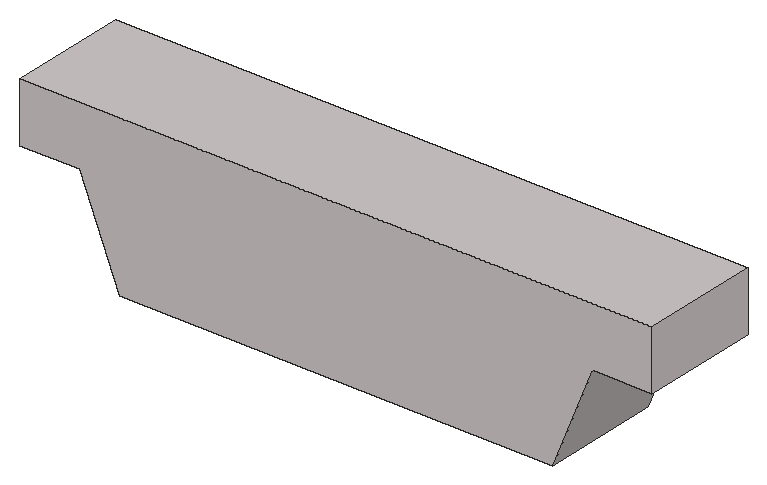
Revit family "f6c59a69b5864a6ab365e91b43df8225", category Structural Framing, Revit 2021
Family settings
  Display in Hidden Views = Edges Hidden by Other Members
  Structural Framing Length Roundoff = 0' - 0"
  Section Shape = Not Defined
  Material for Model Behavior = Precast Concrete
  Always export as geometry = No
  OmniClass Number = 23.25.30.11.14.14
  OmniClass Title = Beams
  Seek Item ID = Precast-Rectangular Beam with Sloped Cut End-0000-USA-ENU
  Always vertical = Yes
  Cut with Voids When Loaded = No
  Symbolic Representation = From Family
  Shared = No
  Show family pre-cut in plan views = Yes
Parameters (values of type "12"x16"-Double Sides Cut")
  Width = 1' - 0"
  Tie Rod Weight [instance] = 30
  Tie Rod W [instance] = (Tie Rod Weight) * 2.20313 kip / 1000  # 0.0660938 kip
  Structural Material [instance] = Concrete, Precast
  Single Rebar Weight [instance] = 50
  Single Rebar W [instance] = (Single Rebar Weight * 2.20313 kip) / 1000  # 0.110156 kip
  Rebar Grids Weight [instance] = 100
  Rebar Grids W [instance] = (Rebar Grids Weight * 2.20313 kip) / 1000  # 0.220313 kip
  Offset Length 2 = 0' - 4"
  Offset Length 1 = 0' - 4"
  Cut Depth [instance] = 0' - 10"
  Extension 2 [instance] = 0' - 6"
  Extension 1 [instance] = 0' - 6"
  Depth = 1' - 4"
  Assembly Code = ""
  Length [instance] = 5' - 0"
Types (3): name
  (no name)
  12"x16"-Double Sides Cut
  12"x16"-One Side Cut
Reference planes (in)
  plane 1 "Center (Front/Back)": y = 0
  plane 2: z = 0
  plane 3 "Center (Left/Right)": x = 0
  plane 4 "Member Left": x = -25.74878
  plane 5 "Member Right": x = 25.74878
  plane 6 "Left": x = -29.68579
  plane 7 "Right": x = 30.31421
  plane 8: z = 2
  plane 9: z = 8
  plane 10: x = -31.74878
  plane 11: y = -6
  plane 12: y = 6
  plane 13: x = 31.74878
  plane 14: z = -8
  plane 15: x = -21.74878
  plane 16: x = 21.74878
Forms (in)
  Sweep 1, solid, material "Concrete, Precast" <- "Structural Material"
    path origin (0, 14.72441, 0) x (1, 0, 0) y (0, 1, 0)
      loop
        line (-31.74878, -14.72441) -> (31.74878, -14.72441)
    profile origin (0, 0, 0) x (0, 1, 0) y (0, 0, 1)
      loop
        line (-6, -8) -> (6, -8) -> (6, 8) -> (-6, 8) -> (-6, -8)
  Extrusion 2, void
    sketch origin (0, 0, 0) x (1, 0, 0) y (0, 0, 1)
      loop
        line (-21.74878, -8) -> (-25.74878, 2) -> (-31.74878, 2) -> (-31.74878, -8) -> (-21.74878, -8)
    from -6 to 6
  Extrusion 3, void
    sketch origin (0, 0, 0) x (1, 0, 0) y (0, 0, 1)
      loop
        line (31.94563, -8) -> (31.94563, 2) -> (25.74878, 2) -> (21.74878, -8) -> (31.94563, -8)
    from -6 to 6
Cuts and joins
  Extrusion 2, Extrusion 3 cuts Sweep 1
Dimensions and locks (in)
  "Length": plane 6 "Left" to plane 7 "Right"
  locked: level to plane 2
  equal spacing: plane 12, plane 1 "Center (Front/Back)", plane 11
  "Width": plane 12 to plane 11
  equal spacing: plane 9, plane 2, plane 14
  "Depth": plane 9 to plane 14
  "Cut Depth": plane 8 to plane 14
  locked: Extrusion 3 sketch curve to plane 13 at 0.19685
  "Extension 1": plane 10 to plane 4 "Member Left"
  "Extension 2": plane 5 "Member Right" to plane 13
  "Offset Length 1": plane 4 "Member Left" to plane 15
  "Offset Length 2": plane 16 to plane 5 "Member Right"
  aligned and locked: plane 10 to Sweep 1 sketch curve
  aligned and locked: plane 1 "Center (Front/Back)" to Sweep 1 sketch curve
  aligned and locked: plane 13 to Sweep 1 sketch curve
  aligned and locked: Sweep 1 sketch curve to plane 11
  aligned and locked: Sweep 1 sketch curve to plane 9
  aligned and locked: plane 12 to Sweep 1 sketch curve
  aligned and locked: plane 14 to Sweep 1 sketch curve
  aligned and locked: plane 14 to Extrusion 2 sketch curve
  aligned and locked: plane 8 to Extrusion 2 sketch curve
  aligned and locked: plane 10 to Extrusion 2 sketch curve
  aligned and locked: Sweep 1 to Extrusion 2
  aligned and locked: Extrusion 2 to Sweep 1
  aligned and locked: Extrusion 3 sketch curve to plane 8
  aligned and locked: plane 14 to Extrusion 3 sketch curve
  aligned and locked: Extrusion 3 to Sweep 1
  aligned and locked: Sweep 1 to Extrusion 3
  aligned and locked: plane 15 to Extrusion 2 sketch curve
  aligned and locked: plane 16 to Extrusion 3 sketch curve
  aligned and locked: plane 4 "Member Left" to Extrusion 2 sketch curve
  aligned and locked: plane 5 "Member Right" to Extrusion 3 sketch curve
